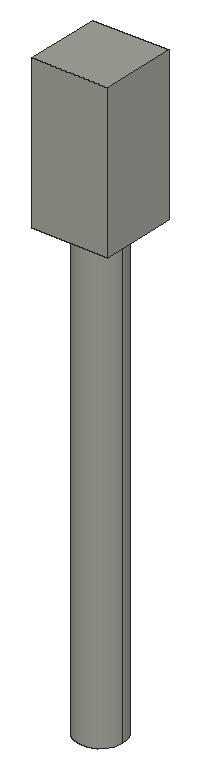
Revit family "Bloco_1_Estaca", category Structural Foundations, Revit 2025
Family settings
  Material for Model Behavior = Concrete
  Cap = No
  OmniClass Number = 23.25.05.11
  OmniClass Title = Foundation Piles
  Work Plane-Based = No
  Always vertical = Yes
  Cut with Voids When Loaded = No
  Shared = No
  Show family pre-cut in plan views = Yes
Parameters (values of type "EstacaBlocoFundação")
  Width = 1000 mm
  Thickness = 2000 mm
  Structural Material [instance] = CT_Concreto
  Pile Type = Estaca : Estaca_60
  Length = 1000 mm
  Cut-off = 150 mm
  Assembly Code = "A1010130"
Reference planes
  plane 1 "Center (Front/Back)": y = 0
  plane 2: z = 0
  plane 3 "Center (Left/Right)": x = 0
  plane 4: x = -500
  plane 5: x = 500
  plane 6: y = 500
  plane 7: y = -500
  plane 8: z = -2000
  plane 9: z = -1850
Forms (mm)
  Extrusion 1, solid, material "CT_Concreto" <- "Structural Material"
    sketch origin (0, 0, 0) x (1, 0, 0) y (0, 1, 0)
      loop
        line (-500, 500) -> (-500, -500) -> (500, -500) -> (500, 500) -> (-500, 500)
    from -2000 to 0
Dimensions and locks
  "Width": plane 4 to plane 5
  "Length": plane 6 to plane 7
  equal spacing: plane 6, plane 1 "Center (Front/Back)", plane 7
  equal spacing: plane 4, plane 3 "Center (Left/Right)", plane 5
  "Thickness": plane 2 to plane 8
  "Cut-off": plane 9 to plane 8
  aligned and locked: plane 4 to Extrusion 1 sketch curve
  aligned and locked: Extrusion 1 sketch curve to plane 5
  aligned and locked: Extrusion 1 sketch curve to plane 6
  aligned and locked: plane 7 to Extrusion 1 sketch curve
  aligned and locked: level to Extrusion 1
  aligned and locked: Extrusion 1 to plane 8
  aligned and locked: plane 1 "Center (Front/Back)" to nested 1
  aligned and locked: plane 3 "Center (Left/Right)" to nested 1
  aligned and locked: nested 1 to plane 9
Nested families
  nested 1: "Estaca" at (0, 0, -2002), type <- "Pile Type", Structural Material <- "Structural Material", type "Estaca_60"
    with Structural Material CT_Concreto
Definition of nested family "Estaca"
  Parameters (values of type "Estaca_60")
    Structural Material [instance] = none
    Estaca_Raio = Estaca_Diâmetro / 2  # 300 mm
    Estaca_Embutimento_Mínimo = 152 mm
    Estaca_Profundidade = 6000 mm
    Estaca_Diâmetro = 600 mm
    Assembly Code = "A1020130"
  Reference planes
    plane 1 "Center (Front/Back)": y = 0
    plane 2: z = 0
    plane 3 "Center (Left/Right)": x = 0
    plane 4: z = -6000
    plane 5: z = 152
  Forms (mm)
    Extrusion 1, solid, material <- "Structural Material"
      sketch origin (0, 0, 0) x (1, 0, 0) y (0, 1, 0)
        loop
          circle (0, 0) r 300
      from -6000 to 152
  Dimensions and locks
    "Estaca_Profundidade": plane 2 to plane 4
    "Estaca_Embutimento_Mínimo": plane 5 to plane 2
    "Estaca_Raio": radius of Extrusion 1 sketch curve
    aligned and locked: Extrusion 1 to plane 4
    aligned and locked: Extrusion 1 to plane 5
  Automatic sketch dimensions
    plane 1 "Center (Front/Back)" to Extrusion 1 sketch curve = 0 mm
    Extrusion 1 sketch curve to plane 3 "Center (Left/Right)" = 0 mm
